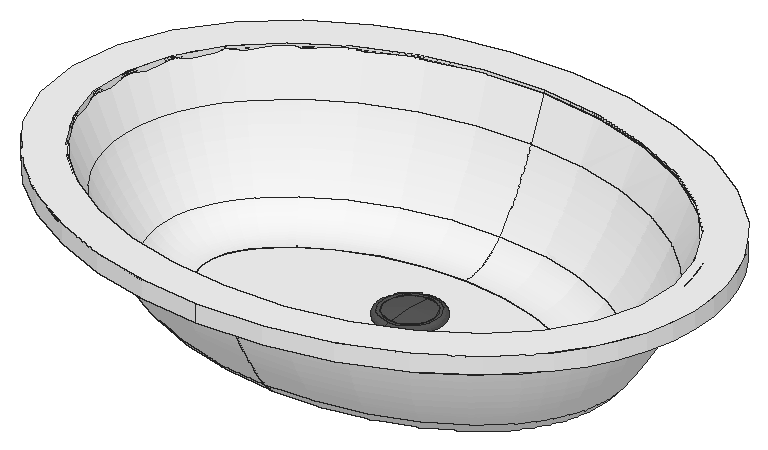
Revit family "Blyde-Undermount-basin", category Generic Models, Revit 2023
Family settings
  Can host rebar = No
  Round Connector Dimension = Use Diameter
  Part Type = Normal
  Work Plane-Based = No
  Always vertical = Yes
  Cut with Voids When Loaded = No
  Maintain Annotation Orientation = No
  Shared = No
  Room Calculation Point = No
Parameters
  Silver = Chrome
  Default Elevation = 0 mm
  Ceramic = Ceramic white
Reference planes
  plane 1 "Center (Front/Back)": y = 0
  plane 2: z = 0
  plane 3 "Center (Left/Right)": x = 0
  plane 4: y = -96.847
Forms (mm)
  Sweep 1, solid, material "Ceramic white" <- "Ceramic"
    path origin (0, -193.694, 9.667) x (1, 0, 0) y (0, -1, 0)
      loop
        spline (0, 88.153) -> (-65.352, 81.849) -> (-126.25, 63.367) -> (-178.544, 33.968) -> (-218.671, -4.347) -> (-243.896, -48.966) -> (-252.5, -96.847) -> (-243.896, -144.729) -> (-218.671, -189.347) -> (-178.544, -227.662) -> (-126.25, -257.062) -> (-65.352, -275.544) -> (0, -281.847)
        spline (0, -281.847) -> (65.352, -275.544) -> (126.25, -257.062) -> (178.544, -227.662) -> (218.671, -189.347) -> (243.896, -144.729) -> (252.5, -96.847) -> (243.896, -48.966) -> (218.671, -4.347) -> (178.544, 33.968) -> (126.25, 63.367) -> (65.352, 81.849) -> (0, 88.153)
    profile origin (252.5, -96.847, 9.667) x (-1, 0, 0) y (0, 0, 1)
      loop
        line (93.561, -129.354) -> (93.561, -124.354)
        arc (93.561, -124.354) -> (72.128, -119.453) -> (54.955, -105.724) r 49.317
        arc (54.955, -105.724) -> (35.458, -77.389) -> (20.04, -46.644) r 249.722
        line (20.04, -46.644) -> (5.419, -11.667) -> (0, -11.667) -> (15.426, -48.573)
        arc (15.426, -48.573) -> (31.154, -79.933) -> (51.041, -108.836) r 254.722
        arc (51.041, -108.836) -> (69.955, -123.956) -> (93.561, -129.354) r 54.317
  Extrusion 2, solid, material "Ceramic white" <- "Ceramic"
    sketch origin (0, 0, 9.667) x (1, 0, 0) y (0, 1, 0)
      loop
        spline (0, -4.409) -> (-47.52, -8.98) -> (-90.188, -21.882) -> (-123.839, -40.698) -> (-145.967, -61.634) -> (-156.965, -80.753) -> (-159.939, -96.847) -> (-156.965, -112.941) -> (-145.967, -132.06) -> (-123.839, -152.997) -> (-90.188, -171.813) -> (-47.52, -184.715) -> (0, -189.286)
        spline (0, -189.286) -> (47.52, -184.715) -> (90.188, -171.813) -> (123.839, -152.997) -> (145.967, -132.06) -> (156.965, -112.941) -> (159.939, -96.847) -> (156.965, -80.753) -> (145.967, -61.634) -> (123.839, -40.698) -> (90.188, -21.882) -> (47.52, -8.98) -> (0, -4.409)
    from -129.352 to -124.355
  Extrusion 3, void
    sketch origin (0, 0, 0) x (1, 0, 0) y (0, 1, 0)
      loop
        circle (0, -67.977) r 12.977
    from 0 to -408.21
  Extrusion 4, solid, material "Ceramic white" <- "Ceramic"
    sketch origin (0, 0, 10.117) x (1, 0, 0) y (0, 1, 0)
      loop
        spline (0, -276.428) -> (63.963, -270.309) -> (123.566, -252.369) -> (174.749, -223.83) -> (214.023, -186.638) -> (238.712, -143.326) -> (247.133, -96.847) -> (238.712, -50.368) -> (214.023, -7.057) -> (174.749, 30.136) -> (123.566, 58.674) -> (63.963, 76.614) -> (0, 82.734)
        spline (0, 82.734) -> (-63.963, 76.614) -> (-123.566, 58.674) -> (-174.749, 30.136) -> (-214.023, -7.057) -> (-238.712, -50.368) -> (-247.133, -96.847) -> (-238.712, -143.326) -> (-214.023, -186.638) -> (-174.749, -223.83) -> (-123.566, -252.369) -> (-63.963, -270.309) -> (0, -276.428)
      loop
        spline (0, -308.847) -> (70.819, -302.006) -> (137.247, -281.815) -> (195.096, -249.236) -> (240.479, -205.812) -> (269.791, -153.825) -> (279.996, -96.847) -> (269.792, -39.869) -> (240.479, 12.113) -> (195.096, 55.537) -> (137.243, 88.12) -> (70.819, 108.305) -> (0, 115.153)
        spline (0, 115.153) -> (-70.819, 108.311) -> (-137.247, 88.121) -> (-195.096, 55.542) -> (-240.479, 12.118) -> (-269.791, -39.87) -> (-279.996, -96.847) -> (-269.792, -153.826) -> (-240.479, -205.807) -> (-195.096, -249.232) -> (-137.243, -281.814) -> (-70.819, -301.999) -> (0, -308.847)
    from -10.117 to -25.117
  Revolve 5, solid, material "Ceramic white" <- "Ceramic"
    sketch origin (0, 0, 9.667) x (0, 1, 0) y (0, 0, 1)
      loop
        line (-80.954, -129.23) -> (-82.069, -129.23) -> (-82.069, -143.743) -> (-80.954, -143.743) -> (-80.954, -129.23)
      axis (-67.977, -129.23) -> (-67.977, -143.743)
    angle from 0 to 360
  Revolve 6, solid, material "Chrome" <- "Silver"
    sketch origin (0, -68.221, 11.721) x (0, 1, 0) y (0, 0, 1)
      loop
        line (-27.553, -126.408) -> (-20.928, -126.408) -> (-20.928, -122.033) -> (-23.679, -122.033)
        arc (-23.679, -122.033) -> (-26.601, -123.349) -> (-27.553, -126.408) r 3.902
      loop
        arc (0, -120.191) -> (-10.416, -120.65) -> (-20.749, -122.033) r 117.265
        line (-20.749, -122.033) -> (-20.749, -126.408) -> (-2.893, -126.408) -> (-2.893, -140.17) -> (0, -140.17) -> (0, -120.191)
      axis (0, -120.191) -> (0, -140.17)
    angle from 0 to 360
  Revolve 7, void
    sketch origin (0, 0, 0) x (0, 1, 0) y (0, 0, 1)
      loop
        line (-259.105, -32.693) -> (-262.042, -25.792) -> (-277.687, -32.452) -> (-274.749, -39.353) -> (-259.105, -32.693)
      axis (-259.105, -32.693) -> (-274.749, -39.353)
    angle from 0 to 360
Cuts and joins
  Extrusion 3 cuts Extrusion 2
  Revolve 7 cuts Sweep 1
Dimensions and locks
  aligned and locked: level to plane 2
